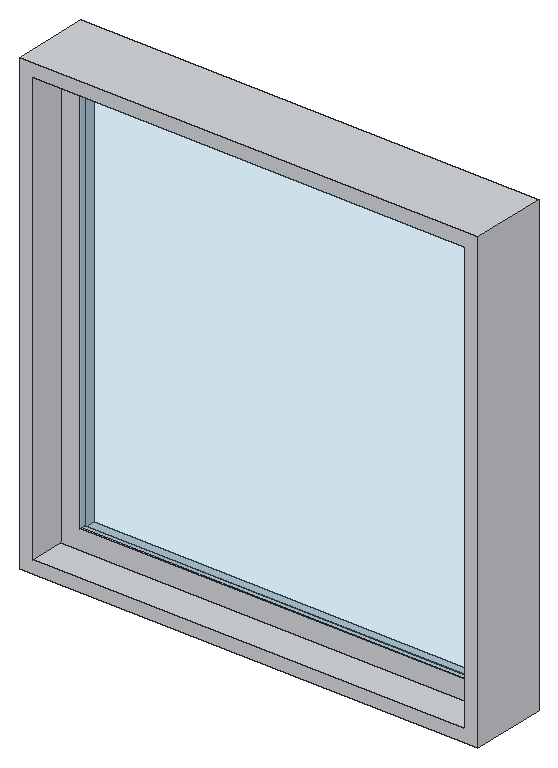
Revit family "Double Fixed", category Windows, host Wall, Revit 2019
Family settings
  Host = Wall
  OmniClass Number = 23.30.20.00
  OmniClass Title = Windows
  Always vertical = Yes
  Cut with Voids When Loaded = Yes
  Shared = No
  Room Calculation Point = No
Parameters (values of type "3030 FX")
  Trim Visibility [instance] = no
  Tag Width Inches = (Width / 0' 1") - (Tag Width Feet * 12)  # 0
  Tag Width Feet = rounddown(Width / 1' 0")  # 3
  Tag Type = "FX"
  Tag Height Inches = (Height / 0' 1") - (Tag Height Feet * 12)  # 0
  Tag Height Feet = rounddown(Height / 1' 0")  # 3
  Suffix [instance] = ""
  Sill Visibility = no
  Sill Depth = 0' - 2"
  Sash Width = 0' - 1 1/2"
  Sash Material = none
  Remarks [instance] = ""
  Prefix [instance] = ""
  Precast Sill Profile Slant Length = 0' - 3"
  Precast Sill Profile Inset Into Wall = 0' - 4"
  Precast Sill Profile Height = 0' - 2 3/4"
  Precast Sill Material = none
  Precast Sill Beginning of Slant to Ext of Wall = 0' - 0"
  Precast Sill = no
  Pane Width = 0' - 0 1/2"
  No Sill Visibility = not(Sill Visibility)  # yes
  Height = 3' - 0"
  Grille Visibility [instance] = no
  Grille Type [instance] = Window Grille - 2x3 : Window Grille - 2x3
  Grille Panel Width = Width - (Frame Width * 2) - (Sash Width * 2)  # 2' - 7"
  Grille Panel Height = Height - (Frame Width * 2) - (Sash Width * 2)  # 2' - 7"
  Grille Material = Default Window Frame
  Glass Width = 0' - 0 1/4"
  Glass Material = none
  Frame Width = 0' - 1"
  Frame Material = none
  FC Trim material = none
  FC Trim Panel = no
  Ext Wall to Int Of Brick Sill = 0' - 0"
  Ext Wall To Ext FC Panel Trim = 0' - 1"
  Ext Wall To Ext Brick Head = 0' - 1"
  Double Window = no
  Description = ""
  Default Sill Height = 8' 0" - Height  # 5' - 0"
  Wall Closure = By host
  Width = 3' - 0"
  Brick head Offset = Default Sill Height + Height  # 8' - 0"
  Brick Sill Projection = 0' - 5"
  Brick Sill Material = none
  Brick Sill = no
  Brick Header = no
  Brick Head Material = none
  Analytic Construction = "<None>"
Types (8): name | Tag Width Feet | Tag Height Feet | Height | Grille Panel Width | Grille Panel Height | Ext Wall To Ext Brick Head | Double Window | Description | Default Sill Height | Width | Brick Sill | Brick Header
  3030 FX | 3 | 3 | 3' - 0" | 2' - 7" | 2' - 7" | 0' - 1" | no | "" | 5' - 0" | 3' - 0" | no | no
  3060 FX | 3 | 6 | 6' - 0" | 2' - 7" | 5' - 7" | 0' - 1" | no | "" | 2' - 0" | 3' - 0" | no | no
  6060 FX Double | 6 | 6 | 6' - 0" | 5' - 7" | 5' - 7" | 0' - 1" | yes | "" | 2' - 0" | 6' - 0" | no | no
  6030 FX Double | 6 | 3 | 3' - 0" | 5' - 7" | 2' - 7" | 0' - 1" | yes | "" | 5' - 0" | 6' - 0" | no | no
  3030 FX Double | 3 | 3 | 3' - 0" | 2' - 7" | 2' - 7" | 0' - 1" | yes | "" | 5' - 0" | 3' - 0" | no | no
  6060 FX Double Brick Grill | 6 | 6 | 6' - 0" | 5' - 7" | 5' - 7" | 0' - 5" | yes | "FIXED" | 2' - 0" | 6' - 0" | yes | yes
  6030 FX Double Brick | 6 | 3 | 3' - 0" | 5' - 7" | 2' - 7" | 0' - 5" | yes | "FIXED" | 5' - 0" | 6' - 0" | yes | yes
  6060 FX Double Brick | 6 | 6 | 6' - 0" | 5' - 7" | 5' - 7" | 0' - 5" | yes | "" | 2' - 0" | 6' - 0" | yes | yes
Reference planes (in)
  plane 1 "Center (Front/Back)": y = 0
  plane 2: z = 0
  plane 3 "Center (Left/Right)": x = 0
  plane 4 "Left": x = -18
  plane 5 "Right": x = 18
  plane 6 "Sill": z = 60
  plane 7 "Top": z = 96
  plane 8: x = 17
  plane 9: x = -17
  plane 10: z = 95
  plane 11: z = 61
  plane 12 "Exterior": y = 3
  plane 13 "Interior": y = -3
  plane 14: x = 15.5
  plane 15: x = -15.5
  plane 16: z = 93.5
  plane 17: z = 62.5
  plane 18 "Sash Ext": y = 0.25
  plane 19 "Sash Int": y = -0.25
  plane 20 "Center (Elevation)": z = 78
  plane 21: y = 5
  plane 22: y = -5
  plane 23: x = 2
  plane 24: x = 0.5
  plane 25: x = -0.5
  plane 26: x = -2
Forms (in)
  Extrusion 1, solid, material <- "Frame Material"
    sketch origin (0, 3, 0) x (-1, 0, 0) y (0, 0, 1)
      loop
        line (-18, 96) -> (-18, 60) -> (18, 60) -> (18, 96) -> (-18, 96)
      loop
        line (-17, 95) -> (-17, 61) -> (17, 61) -> (17, 95) -> (-17, 95)
    from 0 to -6
  Extrusion 2, solid, material <- "Sash Material"
    sketch origin (0, 0, 0) x (1, 0, 0) y (0, 0, 1)
      loop
        line (17, 95) -> (-17, 95) -> (-17, 61) -> (17, 61) -> (17, 95)
      loop
        line (15.5, 93.5) -> (-15.5, 93.5) -> (-15.5, 62.5) -> (15.5, 62.5) -> (15.5, 93.5)
    from 0.25 to -0.25
  Extrusion 3, solid, material <- "Glass Material"
    sketch origin (0, 0, 0) x (1, 0, 0) y (0, 0, 1)
      loop
        line (15.5, 93.5) -> (-15.5, 93.5) -> (-15.5, 62.5) -> (15.5, 62.5) -> (15.5, 93.5)
    from 0.125 to -0.125
  Extrusion 4, solid, material <- "Sash Material", visible <- "Double Window"
    sketch origin (1, 0, 0) x (1, 0, 0) y (0, 0, 1)
      loop
        line (1, 62.5) -> (14.5, 62.5) -> (14.5, 93.5) -> (1, 93.5) -> (1, 62.5)
      loop
        line (-0.5, 62.5) -> (-0.5, 93.5) -> (-1.5, 93.5) -> (-1.5, 62.5) -> (-0.5, 62.5)
      loop
        line (-3, 93.5) -> (-16.5, 93.5) -> (-16.5, 62.5) -> (-3, 62.5) -> (-3, 93.5)
      loop
        line (-18, 95) -> (-18, 61) -> (16, 61) -> (16, 95) -> (-18, 95)
    from 0.25 to -0.25
  Extrusion 5, solid, material <- "Frame Material", visible <- "Double Window"
    sketch origin (0, 3, 0) x (-1, 0, 0) y (0, 0, 1)
      loop
        line (-0.5, 61) -> (-0.5, 95) -> (-17, 95) -> (-17, 61) -> (-0.5, 61)
      loop
        line (0.5, 61) -> (17, 61) -> (17, 95) -> (0.5, 95) -> (0.5, 61)
      loop
        line (18, 96) -> (-18, 96) -> (-18, 60) -> (18, 60) -> (18, 96)
    from 0 to -6
Lines and regions (in)
  Opening 1
    outline origin (-60, -3, 0) x (1, 0, 0) y (0, 0, 1)
      loop
        line (42, 96) -> (42, 60) -> (78, 60) -> (78, 96) -> (42, 96)
  Masking region 1, visible <- "Sill Visibility"
    outline origin (6.23402, 15.33883, 36) x (0, -1, 0) y (1, 0, 0)
      loop
        line (10.33883, -24.23402) -> (12.33883, -24.23402) -> (12.33883, -23.23402) -> (18.33883, -23.23402) -> (18.33883, -24.23402) -> (20.33883, -24.23402) -> (20.33883, 11.76598) -> (18.33883, 11.76598) -> (18.33883, 10.76598) -> (12.33883, 10.76598) -> (12.33883, 11.76598) -> (10.33883, 11.76598) -> (10.33883, -24.23402)
  symbolic lines, style "Windows"
    curve 1: line (-17, 0.25, 60) -> (17, 0.25, 60)
    curve 2: line (17, -0.25, 60) -> (-17, -0.25, 60)
    curve 3: line (-15.5, -0.25, 60) -> (-15.5, 0.25, 60)
    curve 4: line (15.5, 0.25, 60) -> (15.5, -0.25, 60)
    curve 5: line (-17, 3, 60) -> (-17, -3, 60)
    curve 6: line (17, 3, 60) -> (17, -3, 60)
  symbolic lines, style "Windows", visible <- "No Sill Visibility"
    curve 7: line (-18, -3, 60) -> (18, -3, 60)
    curve 8: line (18, 3, 60) -> (-18, 3, 60)
Text (in)
  text "EXTERIOR" at (-58.6888, 50.90694, 0), in view "Ref. Level"
  text "INTERIOR" at (-58.6888, -37.76638, 0), in view "Ref. Level"
  text "Exterior" at (0, 43.65631, 123.19604), in view "Left"
  text "Exterior" at (0, 18.29385, 125.04747), in view "Right"
Dimensions and locks (in)
  equal spacing: plane 4 "Left", plane 3 "Center (Left/Right)", plane 5 "Right"
  "Width": plane 4 "Left" to plane 5 "Right"
  "Height": plane 6 "Sill" to plane 7 "Top"
  "Default Sill Height": plane 2 to plane 6 "Sill"
  "Frame Width": plane 10 to plane 7 "Top"
  "Frame Width": plane 6 "Sill" to plane 11
  "Frame Width": plane 8 to plane 5 "Right"
  "Frame Width": plane 4 "Left" to plane 9
  "Sash Width": plane 14 to plane 8
  "Sash Width": plane 9 to plane 15
  "Sash Width": plane 16 to plane 10
  "Sash Width": plane 11 to plane 17
  equal spacing: Extrusion 2, host wall, Extrusion 2
  "Pane Width": Extrusion 2 to Extrusion 2
  equal spacing: Extrusion 3, host wall, Extrusion 3
  "Glass Width": Extrusion 3 to Extrusion 3
  equal spacing: plane 18 "Sash Ext", plane 1 "Center (Front/Back)", plane 19 "Sash Int"
  "Pane Width": plane 18 "Sash Ext" to plane 19 "Sash Int"
  equal spacing: plane 17, plane 20 "Center (Elevation)", plane 16
  "Sill Depth": plane 21 to plane 12 "Exterior"
  "Sill Depth": plane 13 "Interior" to plane 22
  Extrusion 4 to Extrusion 4 = 0' - 0 1/2"
  "Sash Width": plane 24 to plane 23
  "Frame Width": plane 25 to plane 24
  equal spacing: plane 25, plane 3 "Center (Left/Right)", plane 24
  "Sash Width": plane 26 to plane 25
  "Ext Wall To Ext Brick Head": nested 4 to plane 12 "Exterior"
  "Ext Wall To Ext FC Panel Trim": nested 5 to plane 12 "Exterior"
  "Ext Wall to Int Of Brick Sill": nested 3 to plane 12 "Exterior"
  "Precast Sill Beginning of Slant to Ext of Wall": plane 12 "Exterior" to nested 2
  aligned and locked: plane 7 "Top" to Opening 1 sketch curve
  aligned and locked: plane 6 "Sill" to Opening 1 sketch curve  (x2)
  aligned and locked: plane 5 "Right" to Opening 1 sketch curve
  aligned and locked: plane 4 "Left" to Opening 1 sketch curve
  aligned and locked: level to plane 2
  aligned and locked: plane 12 "Exterior" to host wall
  aligned and locked: plane 13 "Interior" to host wall
  aligned and locked: plane 7 "Top" to Extrusion 1 sketch curve
  aligned and locked: plane 5 "Right" to Extrusion 1 sketch curve
  aligned and locked: Extrusion 1 sketch curve to plane 4 "Left"
  aligned and locked: Extrusion 1 sketch curve to plane 6 "Sill"
  aligned and locked: Extrusion 1 sketch curve to plane 9
  aligned and locked: Extrusion 1 sketch curve to plane 11
  aligned and locked: plane 8 to Extrusion 1 sketch curve
  aligned and locked: Extrusion 1 sketch curve to plane 10
  aligned and locked: Extrusion 1 to plane 13 "Interior"
  aligned and locked: Extrusion 2 sketch curve to plane 9
  aligned and locked: Extrusion 2 sketch curve to plane 10
  aligned and locked: plane 8 to Extrusion 2 sketch curve
  aligned and locked: Extrusion 2 sketch curve to plane 11
  aligned and locked: plane 16 to Extrusion 2 sketch curve
  aligned and locked: Extrusion 2 sketch curve to plane 15
  aligned and locked: Extrusion 2 sketch curve to plane 17
  aligned and locked: plane 14 to Extrusion 2 sketch curve
  aligned and locked: plane 16 to Extrusion 3 sketch curve
  aligned and locked: Extrusion 3 sketch curve to plane 15
  aligned and locked: Extrusion 3 sketch curve to plane 17
  aligned and locked: plane 14 to Extrusion 3 sketch curve
  aligned and locked: curve 4 to plane 14
  aligned and locked: curve 1 to plane 18 "Sash Ext"
  aligned and locked: plane 19 "Sash Int" to curve 2
  aligned and locked: curve 3 to plane 15
  aligned and locked: plane 9 to curve 5
  aligned and locked: plane 8 to curve 6
  aligned and locked: plane 1 "Center (Front/Back)" to nested 1
  aligned and locked: plane 3 "Center (Left/Right)" to nested 1
  aligned and locked: plane 20 "Center (Elevation)" to nested 1
  aligned and locked: plane 4 "Left" to Masking region 1  (x2)
  aligned and locked: plane 9 to Masking region 1
  aligned and locked: Masking region 1 to plane 8
  aligned and locked: Masking region 1 to plane 5 "Right"  (x2)
  aligned and locked: Masking region 1 sketch curve to plane 22
  aligned and locked: plane 13 "Interior" to Masking region 1 sketch curve  (x2)
  aligned and locked: Masking region 1 sketch curve to plane 12 "Exterior"  (x2)
  aligned and locked: plane 21 to Masking region 1 sketch curve
  aligned and locked: plane 9 to Masking region 1 sketch curve
  aligned and locked: plane 4 "Left" to Masking region 1 sketch curve  (x2)
  aligned and locked: Masking region 1 sketch curve to plane 5 "Right"  (x2)
  aligned and locked: Masking region 1 sketch curve to plane 8
  aligned and locked: plane 4 "Left" to curve 8
  aligned and locked: plane 5 "Right" to curve 8
  aligned and locked: plane 12 "Exterior" to curve 8
  aligned and locked: curve 7 to plane 13 "Interior"
  aligned and locked: plane 5 "Right" to curve 7
  aligned and locked: plane 4 "Left" to curve 7
  aligned and locked: Extrusion 5 to plane 24  (x2)
  aligned and locked: plane 25 to Extrusion 5  (x2)
  aligned and locked: plane 24 to Extrusion 4  (x2)
  aligned and locked: Extrusion 4 to plane 23  (x2)
  aligned and locked: plane 8 to Extrusion 1
  aligned and locked: plane 14 to Extrusion 4
  aligned and locked: Extrusion 4 to plane 25
  aligned and locked: plane 26 to Extrusion 4
  aligned and locked: Extrusion 4 to plane 15
  aligned and locked: Extrusion 1 to plane 9
  aligned and locked: Extrusion 1 to plane 11
  aligned and locked: Extrusion 4 to plane 17  (x2)
  aligned and locked: plane 16 to Extrusion 4  (x2)
  aligned and locked: Extrusion 1 to plane 10
  aligned and locked: Extrusion 5 to plane 5 "Right"
  aligned and locked: plane 8 to Extrusion 5
  aligned and locked: Extrusion 5 to plane 9
  aligned and locked: plane 4 "Left" to Extrusion 5
  aligned and locked: plane 6 "Sill" to Extrusion 5
  aligned and locked: Extrusion 5 to plane 11  (x2)
  aligned and locked: Extrusion 5 to plane 10  (x2)
  aligned and locked: plane 3 "Center (Left/Right)" to nested 3
  aligned and locked: plane 3 "Center (Left/Right)" to nested 4
  aligned and locked: plane 3 "Center (Left/Right)" to nested 5
  aligned and locked: nested 2 to plane 3 "Center (Left/Right)"
Automatic sketch dimensions
  plane 9 to Extrusion 4 sketch curve = 0' - 0"
  plane 15 to Extrusion 4 sketch curve = 0' - 0"
  Extrusion 4 sketch curve to plane 16 = 0' - 0"  (x3)
  plane 26 to Extrusion 4 sketch curve = 0' - 0"
  Extrusion 4 sketch curve to plane 17 = 0' - 0"  (x3)
  plane 25 to Extrusion 4 sketch curve = 0' - 0"
  plane 24 to Extrusion 4 sketch curve = 0' - 0"
  plane 23 to Extrusion 4 sketch curve = 0' - 0"
  plane 14 to Extrusion 4 sketch curve = 0' - 0"
  plane 8 to Extrusion 4 sketch curve = 0' - 0"
  Extrusion 4 sketch curve to plane 11 = 0' - 0"
  Extrusion 4 sketch curve to plane 10 = 0' - 0"
  plane 5 "Right" to Extrusion 5 sketch curve = 0' - 0"
  plane 8 to Extrusion 5 sketch curve = 0' - 0"
  Extrusion 5 sketch curve to plane 11 = 0' - 0"  (x2)
  plane 24 to Extrusion 5 sketch curve = 0' - 0"
  plane 25 to Extrusion 5 sketch curve = 0' - 0"
  plane 9 to Extrusion 5 sketch curve = 0' - 0"
  plane 4 "Left" to Extrusion 5 sketch curve = 0' - 0"
  Extrusion 5 sketch curve to plane 6 "Sill" = 0' - 0"
  Extrusion 5 sketch curve to plane 10 = 0' - 0"  (x2)
  Extrusion 5 sketch curve to plane 7 "Top" = 0' - 0"
Nested families (in)
  nested 1: "Window Grille - 2x3" at (0, 0, 78), Width <- "Grille Panel Width", Height <- "Grille Panel Height", type <- "Grille Type", visible <- "Grille Visibility", Grille Material <- "Grille Material", type "Window Grille - 2x3"
    with Width 2' - 7", Height 2' - 7", Grille Width 0' - 0 1/2", Grille Material Default Window Frame, Grille Depth 0' - 0 1/4"
  nested 2: "Sill Precast Gen Mod" at (0, 3, 60) x (-1, 0, 0) z (0, 0, 1), built-in parameter 1001364 <- "Default Sill Height", visible <- "Precast Sill", type "Sill Precast Gen Mod"
  nested 3: "Sill Brick Gen Mod" at (0, 3, 60), built-in parameter 1001364 <- "Default Sill Height", visible <- "Brick Sill", type "Sill Brick Gen Mod"
  nested 4: "Brick head Gen Mod" at (0, 0.375, 96), built-in parameter 1001364 <- "Brick head Offset", visible <- "Brick Header", type "Brick head Gen Mod"
  nested 5: "FC Trim Gen Mod" at (0, 4, 60), built-in parameter 1001364 <- "Default Sill Height", visible <- "FC Trim Panel", type "FC Trim Gen Mod"
Definition of nested family "Window Grille - 2x3"
  Parameters (values of type "Window Grille - 2x3")
    Width [instance] = 2' - 0"
    Height [instance] = 2' - 0"
    Grille Width [instance] = 0' - 0 1/2"
    Grille Material [instance] = none
    Grille Depth [instance] = 0' - 0 1/4"
  Reference planes (in)
    plane 1 "Center (Front/Back)": y = 0
    plane 2 "Center (Elevation)": z = 0
    plane 3 "Center (Left/Right)": x = 0
    plane 4 "Left": x = -12
    plane 5 "Right": x = 12
    plane 6: x = 0.25
    plane 7: x = -0.25
    plane 8: y = 0.25
    plane 9: y = -0.25
    plane 10: z = 4.25
    plane 11: z = 3.75
    plane 12 "Top": z = 12
    plane 13 "Bottom": z = -12
    plane 14: z = -3.75
    plane 15: z = -4.25
    plane 16: z = 4
    plane 17: z = -4
  Forms (in)
    Extrusion 1, solid, material <- "Grille Material"
      sketch origin (0, 0, 0) x (1, 0, 0) y (0, 0, 1)
        loop
          line (-0.25, 12) -> (-0.25, 4.25) -> (-12, 4.25) -> (-12, 3.75) -> (-0.25, 3.75) -> (-0.25, -3.75) -> (-12, -3.75) -> (-12, -4.25) -> (-0.25, -4.25) -> (-0.25, -12) -> (0.25, -12) -> (0.25, -4.25) -> (12, -4.25) -> (12, -3.75) -> (0.25, -3.75) -> (0.25, 3.75) -> (12, 3.75) -> (12, 4.25) -> (0.25, 4.25) -> (0.25, 12) -> (-0.25, 12)
      from -0.25 to 0.25
  Dimensions and locks (in)
    "Grille Width": plane 10 to plane 11
    equal spacing: plane 6, plane 3 "Center (Left/Right)", plane 7
    "Grille Width": plane 6 to plane 7
    equal spacing: plane 12 "Top", plane 2 "Center (Elevation)", plane 13 "Bottom"
    "Height": plane 12 "Top" to plane 13 "Bottom"
    equal spacing: plane 5 "Right", plane 3 "Center (Left/Right)", plane 4 "Left"
    "Width": plane 5 "Right" to plane 4 "Left"
    "Grille Width": plane 14 to plane 15
    equal spacing: plane 12 "Top", plane 16, plane 17, plane 13 "Bottom"
    equal spacing: plane 10, plane 16, plane 11
    equal spacing: plane 14, plane 17, plane 15
    aligned and locked: level to plane 2 "Center (Elevation)"
    aligned and locked: Extrusion 1 sketch curve to plane 12 "Top"
    aligned and locked: plane 5 "Right" to Extrusion 1 sketch curve
    aligned and locked: plane 13 "Bottom" to Extrusion 1 sketch curve
    aligned and locked: Extrusion 1 sketch curve to plane 4 "Left"
    aligned and locked: plane 10 to Extrusion 1 sketch curve  (x2)
    aligned and locked: Extrusion 1 sketch curve to plane 11  (x2)
    aligned and locked: Extrusion 1 sketch curve to plane 6
    aligned and locked: plane 6 to Extrusion 1 sketch curve  (x2)
    aligned and locked: Extrusion 1 sketch curve to plane 7  (x3)
    aligned and locked: Extrusion 1 to plane 8
    aligned and locked: plane 9 to Extrusion 1
    aligned and locked: plane 15 to Extrusion 1 sketch curve  (x2)
    aligned and locked: Extrusion 1 sketch curve to plane 14  (x2)
    aligned and locked: Extrusion 1 sketch curve to plane 5 "Right"
    aligned and locked: plane 4 "Left" to Extrusion 1 sketch curve
Definition of nested family "Sill Precast Gen Mod"
  Parameters (values of type "Sill Precast Gen Mod")
    Width = 0' - 0"
    Precast Sill Sweep Length = 3' - 0"
    Precast Sill Profile Slant Length = 0' - 3"
    Precast Sill Profile Inset Into Wall = 0' - 4"
    Precast Sill Profile Height = 0' - 2 3/4"
    Material = none
    Height = 0' - 0"
    Analytic Construction = "<None>"
  Reference planes (in)
    plane 1 "Center (Front/Back)": y = 0
    plane 2: z = 0
    plane 3 "Center (Left/Right)": x = 0
    plane 4: x = -18
    plane 5: x = 18
  Forms (in)
    Sweep 1, solid, material <- "Material"
      path origin (-9, 0, 0) x (1, 0, 0) y (0, 1, 0)
        loop
          line (-9, 0) -> (27, 0)
      profile origin (0, 0, 0) x (0, 1, 0) y (0, 0, 1)
        loop
          line (4, 0) -> (0, 0) -> (-3, -1) -> (-3, -2.75) -> (4, -2.75) -> (4, 0)
  Dimensions and locks (in)
    "Precast Sill Profile Height": Sweep 1 sketch curve to plane 2
    "Precast Sill Profile Inset Into Wall": Sweep 1 sketch curve to plane 1 "Center (Front/Back)"
    "Precast Sill Profile Slant Length": profile plane to Sweep 1 sketch curve
    equal spacing: plane 5, plane 3 "Center (Left/Right)", plane 4
    equal spacing: plane 4, plane 3 "Center (Left/Right)", plane 5
    "Precast Sill Sweep Length": plane 4 to plane 5
    level to plane 2 = 0' - 0"
    aligned and locked: plane 2 to level
    aligned and locked: plane 5 to Sweep 1
    aligned and locked: plane 1 "Center (Front/Back)" to Sweep 1 sketch curve
    aligned and locked: plane 4 to Sweep 1 sketch curve
    aligned and locked: plane 5 to Sweep 1 sketch curve
  Automatic sketch dimensions
    plane 1 "Center (Front/Back)" to Sweep 1 sketch curve = 0' - 0"
    Sweep 1 sketch curve to level = 0' - 0"
    Sweep 1 sketch curve to profile plane = 0' - 0"
    Sweep 1 sketch curve to level = 0' - 1"
Definition of nested family "Sill Brick Gen Mod"
  Parameters (values of type "Sill Brick Gen Mod")
    Width = 0' - 0"
    Brick Sill Projection = 0' - 5"
    Brick Head Sweep Length = 3' - 0"
    Material = none
    Height = 0' - 0"
    Analytic Construction = "<None>"
  Reference planes (in)
    plane 1 "Center (Front/Back)": y = 0
    plane 2: z = 0
    plane 3 "Center (Left/Right)": x = 0
    plane 4: x = -18
    plane 5: x = 18
    plane 6: y = 5
    plane 7: y = 4.68406
  Forms (in)
    Sweep 1, solid, material <- "Material"
      path origin (-9, 0, 0) x (1, 0, 0) y (0, 1, 0)
        loop
          line (-9, 0) -> (27, 0)
      profile origin (0, 0, 0) x (0, 1, 0) y (0, 0, 1)
        loop
          line (4.68406, -4.04865) -> (5, -0.43744) -> (0, 0) -> (0, -3.63885) -> (4.68406, -4.04865)
  Dimensions and locks (in)
    equal spacing: plane 5, plane 3 "Center (Left/Right)", plane 4
    equal spacing: plane 4, plane 3 "Center (Left/Right)", plane 5
    "Brick Head Sweep Length": plane 4 to plane 5
    level to plane 2 = 0' - 0"
    locked: plane 6 to plane 7 at 0.31594
    "Brick Sill Projection": plane 6 to plane 1 "Center (Front/Back)"
    locked: Sweep 1 sketch curve to Sweep 1 sketch curve at 3.625
    aligned and locked: plane 2 to level
    aligned and locked: plane 5 to Sweep 1
    aligned and locked: plane 1 "Center (Front/Back)" to Sweep 1 sketch curve
    aligned and locked: plane 4 to Sweep 1 sketch curve
    aligned and locked: plane 5 to Sweep 1 sketch curve
  Automatic sketch dimensions
    plane 1 "Center (Front/Back)" to Sweep 1 sketch curve = 0' - 0"
    Sweep 1 sketch curve to level = 0' - 0"
    Sweep 1 sketch curve to profile plane = 0' - 0"
    Sweep 1 sketch curve to plane 7 = 0' - 0"
    Sweep 1 sketch curve to plane 6 = 0' - 0"
Definition of nested family "Brick head Gen Mod"
  Parameters (values of type "Brick head Gen Mod")
    Width = 0' - 0"
    Brick Head Sweep Length = 3' - 0"
    Material = none
    Height = 0' - 0"
    Analytic Construction = "<None>"
  Reference planes (in)
    plane 1 "Center (Front/Back)": y = 0
    plane 2: z = 0
    plane 3 "Center (Left/Right)": x = 0
    plane 4: x = -18
    plane 5: x = 18
  Forms (in)
    Sweep 1, solid, material <- "Material"
      path origin (-9, 0, 0) x (1, 0, 0) y (0, 1, 0)
        loop
          line (-9, 0) -> (27, 0)
      profile "Wall Sweep-Brick Soldier Course : 1 Brick" origin (0, 0, 0) x (0, 1, 0) y (0, 0, 1)
        loop
          line (0, 8) -> (0, 0) -> (3.625, 0) -> (3.625, 8) -> (0, 8)
  Dimensions and locks (in)
    equal spacing: plane 5, plane 3 "Center (Left/Right)", plane 4
    equal spacing: plane 4, plane 3 "Center (Left/Right)", plane 5
    "Brick Head Sweep Length": plane 4 to plane 5
    level to plane 2 = 0' - 0"
    aligned and locked: plane 2 to level
    aligned and locked: plane 5 to Sweep 1
    aligned and locked: plane 1 "Center (Front/Back)" to Sweep 1 sketch curve
    aligned and locked: plane 4 to Sweep 1 sketch curve
    aligned and locked: plane 5 to Sweep 1 sketch curve
  Automatic sketch dimensions
    plane 1 "Center (Front/Back)" to Sweep 1 sketch curve = 0' - 0"
Definition of nested family "FC Trim Gen Mod"
  Parameters (values of type "FC Trim Gen Mod")
    Width = 0' - 0"
    FC Vertical Trim Width = 0' - 2"
    FC Trim Thickness = 0' - 1"
    FC Trim Opening Width = 3' - 0"
    FC Trim Opening Height = 3' - 0"
    FC Horizontal Trim Width = 0' - 2"
    Material = none
    Height = 0' - 0"
    Analytic Construction = "<None>"
  Reference planes (in)
    plane 1 "Center (Front/Back)": y = 0
    plane 2: z = 0
    plane 3 "Center (Left/Right)": x = 0
    plane 4: x = -72
    plane 5: x = 72
    plane 6: x = -18
    plane 7: x = 18
  Forms (in)
    Extrusion 1, solid
      sketch origin (0, 0, 8.18454) x (1, 0, 0) y (0, 0, 1)
        loop
          line (-18, 27.81546) -> (-18, -8.18454) -> (18, -8.18454) -> (18, 27.81546) -> (-18, 27.81546)
        loop
          line (20, -10.18454) -> (20, 29.81546) -> (-20, 29.81546) -> (-20, -10.18454) -> (20, -10.18454)
      from 0 to 1 <- "FC Trim Thickness"
  Dimensions and locks (in)
    equal spacing: plane 5, plane 3 "Center (Left/Right)", plane 4
    equal spacing: plane 4, plane 3 "Center (Left/Right)", plane 5
    plane 4 to plane 5 = 12' - 0"
    "FC Trim Opening Height": Extrusion 1 to Extrusion 1
    "FC Vertical Trim Width": Extrusion 1 to Extrusion 1  (x2)
    "FC Horizontal Trim Width": Extrusion 1 to Extrusion 1  (x2)
    equal spacing: plane 7, plane 3 "Center (Left/Right)", plane 6
    "FC Trim Opening Width": plane 7 to plane 6
    aligned and locked: plane 2 to level
    aligned and locked: plane 6 to Extrusion 1
    aligned and locked: Extrusion 1 to plane 7
  Automatic sketch dimensions
    Extrusion 1 sketch curve to level = 0' - 0"
    Extrusion 1 sketch curve to level = 0' - 2"
    Extrusion 1 sketch curve to plane 3 "Center (Left/Right)" = 1' - 8"
    Extrusion 1 sketch curve to Extrusion 1 sketch curve = 0' - 2"  (x3)
    plane 3 "Center (Left/Right)" to Extrusion 1 sketch curve = 1' - 6"
    Extrusion 1 sketch curve to Extrusion 1 sketch curve = 3' - 0"
